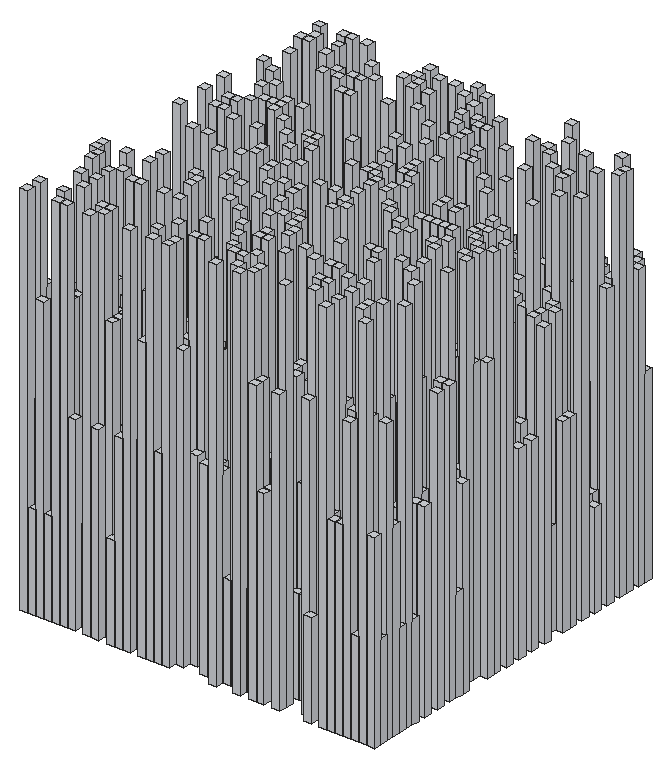
Revit family "qrcodeQ(a)R(t)", category Generic Models, Revit 2013
Reference planes (in)
  plane 1 "Center (Front/Back)": y = 0
  plane 2: z = 0
  plane 3 "Center (Left/Right)": x = 0
Forms (in)
  Extrusion 1, solid
    sketch origin (0, 0, 0) x (1, 0, 0) y (0, 1, 0)
      loop
        line (0, 0) -> (0.9996, 0) -> (0.9996, 0.9996) -> (0, 0.9996) -> (0, 0)
    from 0 to 48
  Extrusion 2, solid
    sketch origin (0, 0, 0) x (1, 0, 0) y (0, 1, 0)
      loop
        line (0.9996, 0) -> (1.9992, 0) -> (1.9992, 0.9996) -> (0.9996, 0.9996) -> (0.9996, 0)
    from 0 to 12
  Extrusion 3, solid
    sketch origin (0, 0, 0) x (1, 0, 0) y (0, 1, 0)
      loop
        line (1.9992, 0) -> (2.9988, 0) -> (2.9988, 0.9996) -> (1.9992, 0.9996) -> (1.9992, 0)
    from 0 to 36
  Extrusion 4, solid
    sketch origin (0, 0, 0) x (1, 0, 0) y (0, 1, 0)
      loop
        line (2.9988, 0) -> (3.9984, 0) -> (3.9984, 0.9996) -> (2.9988, 0.9996) -> (2.9988, 0)
    from 0 to 12
  Extrusion 5, solid
    sketch origin (0, 0, 0) x (1, 0, 0) y (0, 1, 0)
      loop
        line (3.9984, 0) -> (4.998, 0) -> (4.998, 0.9996) -> (3.9984, 0.9996) -> (3.9984, 0)
    from 0 to 48
  Extrusion 6, solid
    sketch origin (0, 0, 0) x (1, 0, 0) y (0, 1, 0)
      loop
        line (4.998, 0) -> (5.9976, 0) -> (5.9976, 0.9996) -> (4.998, 0.9996) -> (4.998, 0)
    from 0 to 48
  Extrusion 7, solid
    sketch origin (0, 0, 0) x (1, 0, 0) y (0, 1, 0)
      loop
        line (5.9976, 0) -> (6.9972, 0) -> (6.9972, 0.9996) -> (5.9976, 0.9996) -> (5.9976, 0)
    from 0 to 24
  Extrusion 8, solid
    sketch origin (0, 0, 0) x (1, 0, 0) y (0, 1, 0)
      loop
        line (7.9968, 0) -> (8.9964, 0) -> (8.9964, 0.9996) -> (7.9968, 0.9996) -> (7.9968, 0)
    from 0 to 48
  Extrusion 9, solid
    sketch origin (0, 0, 0) x (1, 0, 0) y (0, 1, 0)
      loop
        line (8.9964, 0) -> (9.996, 0) -> (9.996, 0.9996) -> (8.9964, 0.9996) -> (8.9964, 0)
    from 0 to 24
  Extrusion 10, solid
    sketch origin (0, 0, 0) x (1, 0, 0) y (0, 1, 0)
      loop
        line (10.9956, 0) -> (11.9952, 0) -> (11.9952, 0.9996) -> (10.9956, 0.9996) -> (10.9956, 0)
    from 0 to 12
  Extrusion 11, solid
    sketch origin (0, 0, 0) x (1, 0, 0) y (0, 1, 0)
      loop
        line (11.9952, 0) -> (12.9948, 0) -> (12.9948, 0.9996) -> (11.9952, 0.9996) -> (11.9952, 0)
    from 0 to 24
  Extrusion 12, solid
    sketch origin (0, 0, 0) x (1, 0, 0) y (0, 1, 0)
      loop
        line (12.9948, 0) -> (13.9944, 0) -> (13.9944, 0.9996) -> (12.9948, 0.9996) -> (12.9948, 0)
    from 0 to 48
  Extrusion 13, solid
    sketch origin (0, 0, 0) x (1, 0, 0) y (0, 1, 0)
      loop
        line (14.994, 0) -> (15.9936, 0) -> (15.9936, 0.9996) -> (14.994, 0.9996) -> (14.994, 0)
    from 0 to 36
  Extrusion 14, solid
    sketch origin (0, 0, 0) x (1, 0, 0) y (0, 1, 0)
      loop
        line (15.9936, 0) -> (16.9932, 0) -> (16.9932, 0.9996) -> (15.9936, 0.9996) -> (15.9936, 0)
    from 0 to 48
  Extrusion 15, solid
    sketch origin (0, 0, 0) x (1, 0, 0) y (0, 1, 0)
      loop
        line (16.9932, 0) -> (17.9928, 0) -> (17.9928, 0.9996) -> (16.9932, 0.9996) -> (16.9932, 0)
    from 0 to 24
  Extrusion 16, solid
    sketch origin (0, 0, 0) x (1, 0, 0) y (0, 1, 0)
      loop
        line (17.9928, 0) -> (18.9924, 0) -> (18.9924, 0.9996) -> (17.9928, 0.9996) -> (17.9928, 0)
    from 0 to 48
  Extrusion 17, solid
    sketch origin (0, 0, 0) x (1, 0, 0) y (0, 1, 0)
      loop
        line (23.9904, 0) -> (24.99, 0) -> (24.99, 0.9996) -> (23.9904, 0.9996) -> (23.9904, 0)
    from 0 to 48
  Extrusion 18, solid
    sketch origin (0, 0, 0) x (1, 0, 0) y (0, 1, 0)
      loop
        line (26.9892, 0) -> (27.9888, 0) -> (27.9888, 0.9996) -> (26.9892, 0.9996) -> (26.9892, 0)
    from 0 to 48
  Extrusion 19, solid
    sketch origin (0, 0, 0) x (1, 0, 0) y (0, 1, 0)
      loop
        line (28.9884, 0) -> (29.988, 0) -> (29.988, 0.9996) -> (28.9884, 0.9996) -> (28.9884, 0)
    from 0 to 36
  Extrusion 20, solid
    sketch origin (0, 0, 0) x (1, 0, 0) y (0, 1, 0)
      loop
        line (29.988, 0) -> (30.9876, 0) -> (30.9876, 0.9996) -> (29.988, 0.9996) -> (29.988, 0)
    from 0 to 24
  Extrusion 21, solid
    sketch origin (0, 0, 0) x (1, 0, 0) y (0, 1, 0)
      loop
        line (31.9872, 0) -> (32.9868, 0) -> (32.9868, 0.9996) -> (31.9872, 0.9996) -> (31.9872, 0)
    from 0 to 36
  Extrusion 22, solid
    sketch origin (0, 0, 0) x (1, 0, 0) y (0, 1, 0)
      loop
        line (35.9856, 0) -> (36.9852, 0) -> (36.9852, 0.9996) -> (35.9856, 0.9996) -> (35.9856, 0)
    from 0 to 12
  Extrusion 23, solid
    sketch origin (0, 0, 0) x (1, 0, 0) y (0, 1, 0)
      loop
        line (37.9848, 0) -> (38.9844, 0) -> (38.9844, 0.9996) -> (37.9848, 0.9996) -> (37.9848, 0)
    from 0 to 48
  Extrusion 24, solid
    sketch origin (0, 0, 0) x (1, 0, 0) y (0, 1, 0)
      loop
        line (38.9844, 0) -> (39.984, 0) -> (39.984, 0.9996) -> (38.9844, 0.9996) -> (38.9844, 0)
    from 0 to 24
  Extrusion 25, solid
    sketch origin (0, 0, 0) x (1, 0, 0) y (0, 1, 0)
      loop
        line (39.984, 0) -> (40.9836, 0) -> (40.9836, 0.9996) -> (39.984, 0.9996) -> (39.984, 0)
    from 0 to 24
  Extrusion 26, solid
    sketch origin (0, 0, 0) x (1, 0, 0) y (0, 1, 0)
      loop
        line (40.9836, 0) -> (41.9832, 0) -> (41.9832, 0.9996) -> (40.9836, 0.9996) -> (40.9836, 0)
    from 0 to 36
  Extrusion 27, solid
    sketch origin (0, 0, 0) x (1, 0, 0) y (0, 1, 0)
      loop
        line (41.9832, 0) -> (42.9828, 0) -> (42.9828, 0.9996) -> (41.9832, 0.9996) -> (41.9832, 0)
    from 0 to 12
  Extrusion 28, solid
    sketch origin (0, 0, 0) x (1, 0, 0) y (0, 1, 0)
      loop
        line (42.9828, 0) -> (43.9824, 0) -> (43.9824, 0.9996) -> (42.9828, 0.9996) -> (42.9828, 0)
    from 0 to 48
  Extrusion 29, solid
    sketch origin (0, 0, 0) x (1, 0, 0) y (0, 1, 0)
      loop
        line (43.9824, 0) -> (44.982, 0) -> (44.982, 0.9996) -> (43.9824, 0.9996) -> (43.9824, 0)
    from 0 to 24
  Extrusion 30, solid
    sketch origin (0, 0, 0) x (1, 0, 0) y (0, 1, 0)
      loop
        line (0, 0.9996) -> (0.9996, 0.9996) -> (0.9996, 1.9992) -> (0, 1.9992) -> (0, 0.9996)
    from 0 to 24
  Extrusion 31, solid
    sketch origin (0, 0, 0) x (1, 0, 0) y (0, 1, 0)
      loop
        line (5.9976, 0.9996) -> (6.9972, 0.9996) -> (6.9972, 1.9992) -> (5.9976, 1.9992) -> (5.9976, 0.9996)
    from 0 to 12
  Extrusion 32, solid
    sketch origin (0, 0, 0) x (1, 0, 0) y (0, 1, 0)
      loop
        line (7.9968, 0.9996) -> (8.9964, 0.9996) -> (8.9964, 1.9992) -> (7.9968, 1.9992) -> (7.9968, 0.9996)
    from 0 to 24
  Extrusion 33, solid
    sketch origin (0, 0, 0) x (1, 0, 0) y (0, 1, 0)
      loop
        line (8.9964, 0.9996) -> (9.996, 0.9996) -> (9.996, 1.9992) -> (8.9964, 1.9992) -> (8.9964, 0.9996)
    from 0 to 48
  Extrusion 34, solid
    sketch origin (0, 0, 0) x (1, 0, 0) y (0, 1, 0)
      loop
        line (9.996, 0.9996) -> (10.9956, 0.9996) -> (10.9956, 1.9992) -> (9.996, 1.9992) -> (9.996, 0.9996)
    from 0 to 36
  Extrusion 35, solid
    sketch origin (0, 0, 0) x (1, 0, 0) y (0, 1, 0)
      loop
        line (12.9948, 0.9996) -> (13.9944, 0.9996) -> (13.9944, 1.9992) -> (12.9948, 1.9992) -> (12.9948, 0.9996)
    from 0 to 24
  Extrusion 36, solid
    sketch origin (0, 0, 0) x (1, 0, 0) y (0, 1, 0)
      loop
        line (17.9928, 0.9996) -> (18.9924, 0.9996) -> (18.9924, 1.9992) -> (17.9928, 1.9992) -> (17.9928, 0.9996)
    from 0 to 48
  Extrusion 37, solid
    sketch origin (0, 0, 0) x (1, 0, 0) y (0, 1, 0)
      loop
        line (18.9924, 0.9996) -> (19.992, 0.9996) -> (19.992, 1.9992) -> (18.9924, 1.9992) -> (18.9924, 0.9996)
    from 0 to 36
  Extrusion 38, solid
    sketch origin (0, 0, 0) x (1, 0, 0) y (0, 1, 0)
      loop
        line (21.9912, 0.9996) -> (22.9908, 0.9996) -> (22.9908, 1.9992) -> (21.9912, 1.9992) -> (21.9912, 0.9996)
    from 0 to 24
  Extrusion 39, solid
    sketch origin (0, 0, 0) x (1, 0, 0) y (0, 1, 0)
      loop
        line (23.9904, 0.9996) -> (24.99, 0.9996) -> (24.99, 1.9992) -> (23.9904, 1.9992) -> (23.9904, 0.9996)
    from 0 to 24
  Extrusion 40, solid
    sketch origin (0, 0, 0) x (1, 0, 0) y (0, 1, 0)
      loop
        line (24.99, 0.9996) -> (25.9896, 0.9996) -> (25.9896, 1.9992) -> (24.99, 1.9992) -> (24.99, 0.9996)
    from 0 to 12
  Extrusion 41, solid
    sketch origin (0, 0, 0) x (1, 0, 0) y (0, 1, 0)
      loop
        line (25.9896, 0.9996) -> (26.9892, 0.9996) -> (26.9892, 1.9992) -> (25.9896, 1.9992) -> (25.9896, 0.9996)
    from 0 to 48
  Extrusion 42, solid
    sketch origin (0, 0, 0) x (1, 0, 0) y (0, 1, 0)
      loop
        line (26.9892, 0.9996) -> (27.9888, 0.9996) -> (27.9888, 1.9992) -> (26.9892, 1.9992) -> (26.9892, 0.9996)
    from 0 to 12
  Extrusion 43, solid
    sketch origin (0, 0, 0) x (1, 0, 0) y (0, 1, 0)
      loop
        line (27.9888, 0.9996) -> (28.9884, 0.9996) -> (28.9884, 1.9992) -> (27.9888, 1.9992) -> (27.9888, 0.9996)
    from 0 to 48
  Extrusion 44, solid
    sketch origin (0, 0, 0) x (1, 0, 0) y (0, 1, 0)
      loop
        line (28.9884, 0.9996) -> (29.988, 0.9996) -> (29.988, 1.9992) -> (28.9884, 1.9992) -> (28.9884, 0.9996)
    from 0 to 36
  Extrusion 45, solid
    sketch origin (0, 0, 0) x (1, 0, 0) y (0, 1, 0)
      loop
        line (29.988, 0.9996) -> (30.9876, 0.9996) -> (30.9876, 1.9992) -> (29.988, 1.9992) -> (29.988, 0.9996)
    from 0 to 24
  Extrusion 46, solid
    sketch origin (0, 0, 0) x (1, 0, 0) y (0, 1, 0)
      loop
        line (30.9876, 0.9996) -> (31.9872, 0.9996) -> (31.9872, 1.9992) -> (30.9876, 1.9992) -> (30.9876, 0.9996)
    from 0 to 12
  Extrusion 47, solid
    sketch origin (0, 0, 0) x (1, 0, 0) y (0, 1, 0)
      loop
        line (31.9872, 0.9996) -> (32.9868, 0.9996) -> (32.9868, 1.9992) -> (31.9872, 1.9992) -> (31.9872, 0.9996)
    from 0 to 48
  Extrusion 48, solid
    sketch origin (0, 0, 0) x (1, 0, 0) y (0, 1, 0)
      loop
        line (34.986, 0.9996) -> (35.9856, 0.9996) -> (35.9856, 1.9992) -> (34.986, 1.9992) -> (34.986, 0.9996)
    from 0 to 36
  Extrusion 49, solid
    sketch origin (0, 0, 0) x (1, 0, 0) y (0, 1, 0)
      loop
        line (37.9848, 0.9996) -> (38.9844, 0.9996) -> (38.9844, 1.9992) -> (37.9848, 1.9992) -> (37.9848, 0.9996)
    from 0 to 24
  Extrusion 50, solid
    sketch origin (0, 0, 0) x (1, 0, 0) y (0, 1, 0)
      loop
        line (43.9824, 0.9996) -> (44.982, 0.9996) -> (44.982, 1.9992) -> (43.9824, 1.9992) -> (43.9824, 0.9996)
    from 0 to 12
  Extrusion 51, solid
    sketch origin (0, 0, 0) x (1, 0, 0) y (0, 1, 0)
      loop
        line (0, 1.9992) -> (0.9996, 1.9992) -> (0.9996, 2.9988) -> (0, 2.9988) -> (0, 1.9992)
    from 0 to 48
  Extrusion 52, solid
    sketch origin (0, 0, 0) x (1, 0, 0) y (0, 1, 0)
      loop
        line (1.9992, 1.9992) -> (2.9988, 1.9992) -> (2.9988, 2.9988) -> (1.9992, 2.9988) -> (1.9992, 1.9992)
    from 0 to 12
  Extrusion 53, solid
    sketch origin (0, 0, 0) x (1, 0, 0) y (0, 1, 0)
      loop
        line (2.9988, 1.9992) -> (3.9984, 1.9992) -> (3.9984, 2.9988) -> (2.9988, 2.9988) -> (2.9988, 1.9992)
    from 0 to 48
  Extrusion 54, solid
    sketch origin (0, 0, 0) x (1, 0, 0) y (0, 1, 0)
      loop
        line (3.9984, 1.9992) -> (4.998, 1.9992) -> (4.998, 2.9988) -> (3.9984, 2.9988) -> (3.9984, 1.9992)
    from 0 to 36
  Extrusion 55, solid
    sketch origin (0, 0, 0) x (1, 0, 0) y (0, 1, 0)
      loop
        line (5.9976, 1.9992) -> (6.9972, 1.9992) -> (6.9972, 2.9988) -> (5.9976, 2.9988) -> (5.9976, 1.9992)
    from 0 to 12
  Extrusion 56, solid
    sketch origin (0, 0, 0) x (1, 0, 0) y (0, 1, 0)
      loop
        line (7.9968, 1.9992) -> (8.9964, 1.9992) -> (8.9964, 2.9988) -> (7.9968, 2.9988) -> (7.9968, 1.9992)
    from 0 to 48
  Extrusion 57, solid
    sketch origin (0, 0, 0) x (1, 0, 0) y (0, 1, 0)
      loop
        line (8.9964, 1.9992) -> (9.996, 1.9992) -> (9.996, 2.9988) -> (8.9964, 2.9988) -> (8.9964, 1.9992)
    from 0 to 48
  Extrusion 58, solid
    sketch origin (0, 0, 0) x (1, 0, 0) y (0, 1, 0)
      loop
        line (9.996, 1.9992) -> (10.9956, 1.9992) -> (10.9956, 2.9988) -> (9.996, 2.9988) -> (9.996, 1.9992)
    from 0 to 36
  Extrusion 59, solid
    sketch origin (0, 0, 0) x (1, 0, 0) y (0, 1, 0)
      loop
        line (10.9956, 1.9992) -> (11.9952, 1.9992) -> (11.9952, 2.9988) -> (10.9956, 2.9988) -> (10.9956, 1.9992)
    from 0 to 24
  Extrusion 60, solid
    sketch origin (0, 0, 0) x (1, 0, 0) y (0, 1, 0)
      loop
        line (11.9952, 1.9992) -> (12.9948, 1.9992) -> (12.9948, 2.9988) -> (11.9952, 2.9988) -> (11.9952, 1.9992)
    from 0 to 12
  Extrusion 61, solid
    sketch origin (0, 0, 0) x (1, 0, 0) y (0, 1, 0)
      loop
        line (12.9948, 1.9992) -> (13.9944, 1.9992) -> (13.9944, 2.9988) -> (12.9948, 2.9988) -> (12.9948, 1.9992)
    from 0 to 12
  Extrusion 62, solid
    sketch origin (0, 0, 0) x (1, 0, 0) y (0, 1, 0)
      loop
        line (13.9944, 1.9992) -> (14.994, 1.9992) -> (14.994, 2.9988) -> (13.9944, 2.9988) -> (13.9944, 1.9992)
    from 0 to 12
  Extrusion 63, solid
    sketch origin (0, 0, 0) x (1, 0, 0) y (0, 1, 0)
      loop
        line (14.994, 1.9992) -> (15.9936, 1.9992) -> (15.9936, 2.9988) -> (14.994, 2.9988) -> (14.994, 1.9992)
    from 0 to 48
  Extrusion 64, solid
    sketch origin (0, 0, 0) x (1, 0, 0) y (0, 1, 0)
      loop
        line (15.9936, 1.9992) -> (16.9932, 1.9992) -> (16.9932, 2.9988) -> (15.9936, 2.9988) -> (15.9936, 1.9992)
    from 0 to 36
  Extrusion 65, solid
    sketch origin (0, 0, 0) x (1, 0, 0) y (0, 1, 0)
      loop
        line (16.9932, 1.9992) -> (17.9928, 1.9992) -> (17.9928, 2.9988) -> (16.9932, 2.9988) -> (16.9932, 1.9992)
    from 0 to 36
  Extrusion 66, solid
    sketch origin (0, 0, 0) x (1, 0, 0) y (0, 1, 0)
      loop
        line (17.9928, 1.9992) -> (18.9924, 1.9992) -> (18.9924, 2.9988) -> (17.9928, 2.9988) -> (17.9928, 1.9992)
    from 0 to 24
  Extrusion 67, solid
    sketch origin (0, 0, 0) x (1, 0, 0) y (0, 1, 0)
      loop
        line (19.992, 1.9992) -> (20.9916, 1.9992) -> (20.9916, 2.9988) -> (19.992, 2.9988) -> (19.992, 1.9992)
    from 0 to 24
  Extrusion 68, solid
    sketch origin (0, 0, 0) x (1, 0, 0) y (0, 1, 0)
      loop
        line (22.9908, 1.9992) -> (23.9904, 1.9992) -> (23.9904, 2.9988) -> (22.9908, 2.9988) -> (22.9908, 1.9992)
    from 0 to 24
  Extrusion 69, solid
    sketch origin (0, 0, 0) x (1, 0, 0) y (0, 1, 0)
      loop
        line (23.9904, 1.9992) -> (24.99, 1.9992) -> (24.99, 2.9988) -> (23.9904, 2.9988) -> (23.9904, 1.9992)
    from 0 to 12
  Extrusion 70, solid
    sketch origin (0, 0, 0) x (1, 0, 0) y (0, 1, 0)
      loop
        line (24.99, 1.9992) -> (25.9896, 1.9992) -> (25.9896, 2.9988) -> (24.99, 2.9988) -> (24.99, 1.9992)
    from 0 to 12
  Extrusion 71, solid
    sketch origin (0, 0, 0) x (1, 0, 0) y (0, 1, 0)
      loop
        line (27.9888, 1.9992) -> (28.9884, 1.9992) -> (28.9884, 2.9988) -> (27.9888, 2.9988) -> (27.9888, 1.9992)
    from 0 to 48
  Extrusion 72, solid
    sketch origin (0, 0, 0) x (1, 0, 0) y (0, 1, 0)
      loop
        line (28.9884, 1.9992) -> (29.988, 1.9992) -> (29.988, 2.9988) -> (28.9884, 2.9988) -> (28.9884, 1.9992)
    from 0 to 12
  Extrusion 73, solid
    sketch origin (0, 0, 0) x (1, 0, 0) y (0, 1, 0)
      loop
        line (34.986, 1.9992) -> (35.9856, 1.9992) -> (35.9856, 2.9988) -> (34.986, 2.9988) -> (34.986, 1.9992)
    from 0 to 48
  Extrusion 74, solid
    sketch origin (0, 0, 0) x (1, 0, 0) y (0, 1, 0)
      loop
        line (37.9848, 1.9992) -> (38.9844, 1.9992) -> (38.9844, 2.9988) -> (37.9848, 2.9988) -> (37.9848, 1.9992)
    from 0 to 48
  Extrusion 75, solid
    sketch origin (0, 0, 0) x (1, 0, 0) y (0, 1, 0)
      loop
        line (39.984, 1.9992) -> (40.9836, 1.9992) -> (40.9836, 2.9988) -> (39.984, 2.9988) -> (39.984, 1.9992)
    from 0 to 36
  Extrusion 76, solid
    sketch origin (0, 0, 0) x (1, 0, 0) y (0, 1, 0)
      loop
        line (40.9836, 1.9992) -> (41.9832, 1.9992) -> (41.9832, 2.9988) -> (40.9836, 2.9988) -> (40.9836, 1.9992)
    from 0 to 48
  Extrusion 77, solid
    sketch origin (0, 0, 0) x (1, 0, 0) y (0, 1, 0)
      loop
        line (41.9832, 1.9992) -> (42.9828, 1.9992) -> (42.9828, 2.9988) -> (41.9832, 2.9988) -> (41.9832, 1.9992)
    from 0 to 36
  Extrusion 78, solid
    sketch origin (0, 0, 0) x (1, 0, 0) y (0, 1, 0)
      loop
        line (43.9824, 1.9992) -> (44.982, 1.9992) -> (44.982, 2.9988) -> (43.9824, 2.9988) -> (43.9824, 1.9992)
    from 0 to 36
  Extrusion 79, solid
    sketch origin (0, 0, 0) x (1, 0, 0) y (0, 1, 0)
      loop
        line (0, 2.9988) -> (0.9996, 2.9988) -> (0.9996, 3.9984) -> (0, 3.9984) -> (0, 2.9988)
    from 0 to 36
  Extrusion 80, solid
    sketch origin (0, 0, 0) x (1, 0, 0) y (0, 1, 0)
      loop
        line (1.9992, 2.9988) -> (2.9988, 2.9988) -> (2.9988, 3.9984) -> (1.9992, 3.9984) -> (1.9992, 2.9988)
    from 0 to 36
  Extrusion 81, solid
    sketch origin (0, 0, 0) x (1, 0, 0) y (0, 1, 0)
      loop
        line (2.9988, 2.9988) -> (3.9984, 2.9988) -> (3.9984, 3.9984) -> (2.9988, 3.9984) -> (2.9988, 2.9988)
    from 0 to 36
  Extrusion 82, solid
    sketch origin (0, 0, 0) x (1, 0, 0) y (0, 1, 0)
      loop
        line (3.9984, 2.9988) -> (4.998, 2.9988) -> (4.998, 3.9984) -> (3.9984, 3.9984) -> (3.9984, 2.9988)
    from 0 to 36
  Extrusion 83, solid
    sketch origin (0, 0, 0) x (1, 0, 0) y (0, 1, 0)
      loop
        line (5.9976, 2.9988) -> (6.9972, 2.9988) -> (6.9972, 3.9984) -> (5.9976, 3.9984) -> (5.9976, 2.9988)
    from 0 to 36
  Extrusion 84, solid
    sketch origin (0, 0, 0) x (1, 0, 0) y (0, 1, 0)
      loop
        line (8.9964, 2.9988) -> (9.996, 2.9988) -> (9.996, 3.9984) -> (8.9964, 3.9984) -> (8.9964, 2.9988)
    from 0 to 36
  Extrusion 85, solid
    sketch origin (0, 0, 0) x (1, 0, 0) y (0, 1, 0)
      loop
        line (9.996, 2.9988) -> (10.9956, 2.9988) -> (10.9956, 3.9984) -> (9.996, 3.9984) -> (9.996, 2.9988)
    from 0 to 36
  Extrusion 86, solid
    sketch origin (0, 0, 0) x (1, 0, 0) y (0, 1, 0)
      loop
        line (13.9944, 2.9988) -> (14.994, 2.9988) -> (14.994, 3.9984) -> (13.9944, 3.9984) -> (13.9944, 2.9988)
    from 0 to 36
  Extrusion 87, solid
    sketch origin (0, 0, 0) x (1, 0, 0) y (0, 1, 0)
      loop
        line (17.9928, 2.9988) -> (18.9924, 2.9988) -> (18.9924, 3.9984) -> (17.9928, 3.9984) -> (17.9928, 2.9988)
    from 0 to 36
  Extrusion 88, solid
    sketch origin (0, 0, 0) x (1, 0, 0) y (0, 1, 0)
      loop
        line (18.9924, 2.9988) -> (19.992, 2.9988) -> (19.992, 3.9984) -> (18.9924, 3.9984) -> (18.9924, 2.9988)
    from 0 to 48
  Extrusion 89, solid
    sketch origin (0, 0, 0) x (1, 0, 0) y (0, 1, 0)
      loop
        line (19.992, 2.9988) -> (20.9916, 2.9988) -> (20.9916, 3.9984) -> (19.992, 3.9984) -> (19.992, 2.9988)
    from 0 to 48
  Extrusion 90, solid
    sketch origin (0, 0, 0) x (1, 0, 0) y (0, 1, 0)
      loop
        line (21.9912, 2.9988) -> (22.9908, 2.9988) -> (22.9908, 3.9984) -> (21.9912, 3.9984) -> (21.9912, 2.9988)
    from 0 to 36
  Extrusion 91, solid
    sketch origin (0, 0, 0) x (1, 0, 0) y (0, 1, 0)
      loop
        line (23.9904, 2.9988) -> (24.99, 2.9988) -> (24.99, 3.9984) -> (23.9904, 3.9984) -> (23.9904, 2.9988)
    from 0 to 48
  Extrusion 92, solid
    sketch origin (0, 0, 0) x (1, 0, 0) y (0, 1, 0)
      loop
        line (24.99, 2.9988) -> (25.9896, 2.9988) -> (25.9896, 3.9984) -> (24.99, 3.9984) -> (24.99, 2.9988)
    from 0 to 48
  Extrusion 93, solid
    sketch origin (0, 0, 0) x (1, 0, 0) y (0, 1, 0)
      loop
        line (25.9896, 2.9988) -> (26.9892, 2.9988) -> (26.9892, 3.9984) -> (25.9896, 3.9984) -> (25.9896, 2.9988)
    from 0 to 12
  Extrusion 94, solid
    sketch origin (0, 0, 0) x (1, 0, 0) y (0, 1, 0)
      loop
        line (27.9888, 2.9988) -> (28.9884, 2.9988) -> (28.9884, 3.9984) -> (27.9888, 3.9984) -> (27.9888, 2.9988)
    from 0 to 12
  Extrusion 95, solid
    sketch origin (0, 0, 0) x (1, 0, 0) y (0, 1, 0)
      loop
        line (31.9872, 2.9988) -> (32.9868, 2.9988) -> (32.9868, 3.9984) -> (31.9872, 3.9984) -> (31.9872, 2.9988)
    from 0 to 12
  Extrusion 96, solid
    sketch origin (0, 0, 0) x (1, 0, 0) y (0, 1, 0)
      loop
        line (32.9868, 2.9988) -> (33.9864, 2.9988) -> (33.9864, 3.9984) -> (32.9868, 3.9984) -> (32.9868, 2.9988)
    from 0 to 12
  Extrusion 97, solid
    sketch origin (0, 0, 0) x (1, 0, 0) y (0, 1, 0)
      loop
        line (34.986, 2.9988) -> (35.9856, 2.9988) -> (35.9856, 3.9984) -> (34.986, 3.9984) -> (34.986, 2.9988)
    from 0 to 24
  Extrusion 98, solid
    sketch origin (0, 0, 0) x (1, 0, 0) y (0, 1, 0)
      loop
        line (35.9856, 2.9988) -> (36.9852, 2.9988) -> (36.9852, 3.9984) -> (35.9856, 3.9984) -> (35.9856, 2.9988)
    from 0 to 24
  Extrusion 99, solid
    sketch origin (0, 0, 0) x (1, 0, 0) y (0, 1, 0)
      loop
        line (37.9848, 2.9988) -> (38.9844, 2.9988) -> (38.9844, 3.9984) -> (37.9848, 3.9984) -> (37.9848, 2.9988)
    from 0 to 36
  Extrusion 100, solid
    sketch origin (0, 0, 0) x (1, 0, 0) y (0, 1, 0)
      loop
        line (39.984, 2.9988) -> (40.9836, 2.9988) -> (40.9836, 3.9984) -> (39.984, 3.9984) -> (39.984, 2.9988)
    from 0 to 36
  Extrusion 101, solid
    sketch origin (0, 0, 0) x (1, 0, 0) y (0, 1, 0)
      loop
        line (40.9836, 2.9988) -> (41.9832, 2.9988) -> (41.9832, 3.9984) -> (40.9836, 3.9984) -> (40.9836, 2.9988)
    from 0 to 48
  Extrusion 102, solid
    sketch origin (0, 0, 0) x (1, 0, 0) y (0, 1, 0)
      loop
        line (41.9832, 2.9988) -> (42.9828, 2.9988) -> (42.9828, 3.9984) -> (41.9832, 3.9984) -> (41.9832, 2.9988)
    from 0 to 12
  Extrusion 103, solid
    sketch origin (0, 0, 0) x (1, 0, 0) y (0, 1, 0)
      loop
        line (43.9824, 2.9988) -> (44.982, 2.9988) -> (44.982, 3.9984) -> (43.9824, 3.9984) -> (43.9824, 2.9988)
    from 0 to 24
  Extrusion 104, solid
    sketch origin (0, 0, 0) x (1, 0, 0) y (0, 1, 0)
      loop
        line (0, 3.9984) -> (0.9996, 3.9984) -> (0.9996, 4.998) -> (0, 4.998) -> (0, 3.9984)
    from 0 to 24
  Extrusion 105, solid
    sketch origin (0, 0, 0) x (1, 0, 0) y (0, 1, 0)
      loop
        line (1.9992, 3.9984) -> (2.9988, 3.9984) -> (2.9988, 4.998) -> (1.9992, 4.998) -> (1.9992, 3.9984)
    from 0 to 36
  Extrusion 106, solid
    sketch origin (0, 0, 0) x (1, 0, 0) y (0, 1, 0)
      loop
        line (2.9988, 3.9984) -> (3.9984, 3.9984) -> (3.9984, 4.998) -> (2.9988, 4.998) -> (2.9988, 3.9984)
    from 0 to 24
  Extrusion 107, solid
    sketch origin (0, 0, 0) x (1, 0, 0) y (0, 1, 0)
      loop
        line (3.9984, 3.9984) -> (4.998, 3.9984) -> (4.998, 4.998) -> (3.9984, 4.998) -> (3.9984, 3.9984)
    from 0 to 48
  Extrusion 108, solid
    sketch origin (0, 0, 0) x (1, 0, 0) y (0, 1, 0)
      loop
        line (5.9976, 3.9984) -> (6.9972, 3.9984) -> (6.9972, 4.998) -> (5.9976, 4.998) -> (5.9976, 3.9984)
    from 0 to 12
  Extrusion 109, solid
    sketch origin (0, 0, 0) x (1, 0, 0) y (0, 1, 0)
      loop
        line (7.9968, 3.9984) -> (8.9964, 3.9984) -> (8.9964, 4.998) -> (7.9968, 4.998) -> (7.9968, 3.9984)
    from 0 to 24
  Extrusion 110, solid
    sketch origin (0, 0, 0) x (1, 0, 0) y (0, 1, 0)
      loop
        line (12.9948, 3.9984) -> (13.9944, 3.9984) -> (13.9944, 4.998) -> (12.9948, 4.998) -> (12.9948, 3.9984)
    from 0 to 36
  Extrusion 111, solid
    sketch origin (0, 0, 0) x (1, 0, 0) y (0, 1, 0)
      loop
        line (14.994, 3.9984) -> (15.9936, 3.9984) -> (15.9936, 4.998) -> (14.994, 4.998) -> (14.994, 3.9984)
    from 0 to 24
  Extrusion 112, solid
    sketch origin (0, 0, 0) x (1, 0, 0) y (0, 1, 0)
      loop
        line (15.9936, 3.9984) -> (16.9932, 3.9984) -> (16.9932, 4.998) -> (15.9936, 4.998) -> (15.9936, 3.9984)
    from 0 to 48
  Extrusion 113, solid
    sketch origin (0, 0, 0) x (1, 0, 0) y (0, 1, 0)
      loop
        line (17.9928, 3.9984) -> (18.9924, 3.9984) -> (18.9924, 4.998) -> (17.9928, 4.998) -> (17.9928, 3.9984)
    from 0 to 24
  Extrusion 114, solid
    sketch origin (0, 0, 0) x (1, 0, 0) y (0, 1, 0)
      loop
        line (19.992, 3.9984) -> (20.9916, 3.9984) -> (20.9916, 4.998) -> (19.992, 4.998) -> (19.992, 3.9984)
    from 0 to 12
  Extrusion 115, solid
    sketch origin (0, 0, 0) x (1, 0, 0) y (0, 1, 0)
      loop
        line (20.9916, 3.9984) -> (21.9912, 3.9984) -> (21.9912, 4.998) -> (20.9916, 4.998) -> (20.9916, 3.9984)
    from 0 to 36
  Extrusion 116, solid
    sketch origin (0, 0, 0) x (1, 0, 0) y (0, 1, 0)
      loop
        line (21.9912, 3.9984) -> (22.9908, 3.9984) -> (22.9908, 4.998) -> (21.9912, 4.998) -> (21.9912, 3.9984)
    from 0 to 12
  Extrusion 117, solid
    sketch origin (0, 0, 0) x (1, 0, 0) y (0, 1, 0)
      loop
        line (22.9908, 3.9984) -> (23.9904, 3.9984) -> (23.9904, 4.998) -> (22.9908, 4.998) -> (22.9908, 3.9984)
    from 0 to 48
  Extrusion 118, solid
    sketch origin (0, 0, 0) x (1, 0, 0) y (0, 1, 0)
      loop
        line (23.9904, 3.9984) -> (24.99, 3.9984) -> (24.99, 4.998) -> (23.9904, 4.998) -> (23.9904, 3.9984)
    from 0 to 24
  Extrusion 119, solid
    sketch origin (0, 0, 0) x (1, 0, 0) y (0, 1, 0)
      loop
        line (25.9896, 3.9984) -> (26.9892, 3.9984) -> (26.9892, 4.998) -> (25.9896, 4.998) -> (25.9896, 3.9984)
    from 0 to 48
  Extrusion 120, solid
    sketch origin (0, 0, 0) x (1, 0, 0) y (0, 1, 0)
      loop
        line (30.9876, 3.9984) -> (31.9872, 3.9984) -> (31.9872, 4.998) -> (30.9876, 4.998) -> (30.9876, 3.9984)
    from 0 to 36
  Extrusion 121, solid
    sketch origin (0, 0, 0) x (1, 0, 0) y (0, 1, 0)
      loop
        line (31.9872, 3.9984) -> (32.9868, 3.9984) -> (32.9868, 4.998) -> (31.9872, 4.998) -> (31.9872, 3.9984)
    from 0 to 24
  Extrusion 122, solid
    sketch origin (0, 0, 0) x (1, 0, 0) y (0, 1, 0)
      loop
        line (32.9868, 3.9984) -> (33.9864, 3.9984) -> (33.9864, 4.998) -> (32.9868, 4.998) -> (32.9868, 3.9984)
    from 0 to 36
  Extrusion 123, solid
    sketch origin (0, 0, 0) x (1, 0, 0) y (0, 1, 0)
      loop
        line (33.9864, 3.9984) -> (34.986, 3.9984) -> (34.986, 4.998) -> (33.9864, 4.998) -> (33.9864, 3.9984)
    from 0 to 48
  Extrusion 124, solid
    sketch origin (0, 0, 0) x (1, 0, 0) y (0, 1, 0)
      loop
        line (34.986, 3.9984) -> (35.9856, 3.9984) -> (35.9856, 4.998) -> (34.986, 4.998) -> (34.986, 3.9984)
    from 0 to 48
  Extrusion 125, solid
    sketch origin (0, 0, 0) x (1, 0, 0) y (0, 1, 0)
      loop
        line (35.9856, 3.9984) -> (36.9852, 3.9984) -> (36.9852, 4.998) -> (35.9856, 4.998) -> (35.9856, 3.9984)
    from 0 to 36
  Extrusion 126, solid
    sketch origin (0, 0, 0) x (1, 0, 0) y (0, 1, 0)
      loop
        line (37.9848, 3.9984) -> (38.9844, 3.9984) -> (38.9844, 4.998) -> (37.9848, 4.998) -> (37.9848, 3.9984)
    from 0 to 48
  Extrusion 127, solid
    sketch origin (0, 0, 0) x (1, 0, 0) y (0, 1, 0)
      loop
        line (39.984, 3.9984) -> (40.9836, 3.9984) -> (40.9836, 4.998) -> (39.984, 4.998) -> (39.984, 3.9984)
    from 0 to 12
  Extrusion 128, solid
    sketch origin (0, 0, 0) x (1, 0, 0) y (0, 1, 0)
      loop
        line (40.9836, 3.9984) -> (41.9832, 3.9984) -> (41.9832, 4.998) -> (40.9836, 4.998) -> (40.9836, 3.9984)
    from 0 to 12
  Extrusion 129, solid
    sketch origin (0, 0, 0) x (1, 0, 0) y (0, 1, 0)
      loop
        line (41.9832, 3.9984) -> (42.9828, 3.9984) -> (42.9828, 4.998) -> (41.9832, 4.998) -> (41.9832, 3.9984)
    from 0 to 48
  Extrusion 130, solid
    sketch origin (0, 0, 0) x (1, 0, 0) y (0, 1, 0)
      loop
        line (43.9824, 3.9984) -> (44.982, 3.9984) -> (44.982, 4.998) -> (43.9824, 4.998) -> (43.9824, 3.9984)
    from 0 to 12
  Extrusion 131, solid
    sketch origin (0, 0, 0) x (1, 0, 0) y (0, 1, 0)
      loop
        line (0, 4.998) -> (0.9996, 4.998) -> (0.9996, 5.9976) -> (0, 5.9976) -> (0, 4.998)
    from 0 to 36
  Extrusion 132, solid
    sketch origin (0, 0, 0) x (1, 0, 0) y (0, 1, 0)
      loop
        line (5.9976, 4.998) -> (6.9972, 4.998) -> (6.9972, 5.9976) -> (5.9976, 5.9976) -> (5.9976, 4.998)
    from 0 to 12
  Extrusion 133, solid
    sketch origin (0, 0, 0) x (1, 0, 0) y (0, 1, 0)
      loop
        line (8.9964, 4.998) -> (9.996, 4.998) -> (9.996, 5.9976) -> (8.9964, 5.9976) -> (8.9964, 4.998)
    from 0 to 24
  Extrusion 134, solid
    sketch origin (0, 0, 0) x (1, 0, 0) y (0, 1, 0)
      loop
        line (9.996, 4.998) -> (10.9956, 4.998) -> (10.9956, 5.9976) -> (9.996, 5.9976) -> (9.996, 4.998)
    from 0 to 24
  Extrusion 135, solid
    sketch origin (0, 0, 0) x (1, 0, 0) y (0, 1, 0)
      loop
        line (12.9948, 4.998) -> (13.9944, 4.998) -> (13.9944, 5.9976) -> (12.9948, 5.9976) -> (12.9948, 4.998)
    from 0 to 12
  Extrusion 136, solid
    sketch origin (0, 0, 0) x (1, 0, 0) y (0, 1, 0)
      loop
        line (13.9944, 4.998) -> (14.994, 4.998) -> (14.994, 5.9976) -> (13.9944, 5.9976) -> (13.9944, 4.998)
    from 0 to 12
  Extrusion 137, solid
    sketch origin (0, 0, 0) x (1, 0, 0) y (0, 1, 0)
      loop
        line (19.992, 4.998) -> (20.9916, 4.998) -> (20.9916, 5.9976) -> (19.992, 5.9976) -> (19.992, 4.998)
    from 0 to 36
  Extrusion 138, solid
    sketch origin (0, 0, 0) x (1, 0, 0) y (0, 1, 0)
      loop
        line (23.9904, 4.998) -> (24.99, 4.998) -> (24.99, 5.9976) -> (23.9904, 5.9976) -> (23.9904, 4.998)
    from 0 to 24
  Extrusion 139, solid
    sketch origin (0, 0, 0) x (1, 0, 0) y (0, 1, 0)
      loop
        line (24.99, 4.998) -> (25.9896, 4.998) -> (25.9896, 5.9976) -> (24.99, 5.9976) -> (24.99, 4.998)
    from 0 to 36
  Extrusion 140, solid
    sketch origin (0, 0, 0) x (1, 0, 0) y (0, 1, 0)
      loop
        line (27.9888, 4.998) -> (28.9884, 4.998) -> (28.9884, 5.9976) -> (27.9888, 5.9976) -> (27.9888, 4.998)
    from 0 to 12
  Extrusion 141, solid
    sketch origin (0, 0, 0) x (1, 0, 0) y (0, 1, 0)
      loop
        line (28.9884, 4.998) -> (29.988, 4.998) -> (29.988, 5.9976) -> (28.9884, 5.9976) -> (28.9884, 4.998)
    from 0 to 12
  Extrusion 142, solid
    sketch origin (0, 0, 0) x (1, 0, 0) y (0, 1, 0)
      loop
        line (29.988, 4.998) -> (30.9876, 4.998) -> (30.9876, 5.9976) -> (29.988, 5.9976) -> (29.988, 4.998)
    from 0 to 36
  Extrusion 143, solid
    sketch origin (0, 0, 0) x (1, 0, 0) y (0, 1, 0)
      loop
        line (37.9848, 4.998) -> (38.9844, 4.998) -> (38.9844, 5.9976) -> (37.9848, 5.9976) -> (37.9848, 4.998)
    from 0 to 24
  Extrusion 144, solid
    sketch origin (0, 0, 0) x (1, 0, 0) y (0, 1, 0)
      loop
        line (43.9824, 4.998) -> (44.982, 4.998) -> (44.982, 5.9976) -> (43.9824, 5.9976) -> (43.9824, 4.998)
    from 0 to 48
  Extrusion 145, solid
    sketch origin (0, 0, 0) x (1, 0, 0) y (0, 1, 0)
      loop
        line (0, 5.9976) -> (0.9996, 5.9976) -> (0.9996, 6.9972) -> (0, 6.9972) -> (0, 5.9976)
    from 0 to 24
  Extrusion 146, solid
    sketch origin (0, 0, 0) x (1, 0, 0) y (0, 1, 0)
      loop
        line (0.9996, 5.9976) -> (1.9992, 5.9976) -> (1.9992, 6.9972) -> (0.9996, 6.9972) -> (0.9996, 5.9976)
    from 0 to 24
  Extrusion 147, solid
    sketch origin (0, 0, 0) x (1, 0, 0) y (0, 1, 0)
      loop
        line (1.9992, 5.9976) -> (2.9988, 5.9976) -> (2.9988, 6.9972) -> (1.9992, 6.9972) -> (1.9992, 5.9976)
    from 0 to 48
  Extrusion 148, solid
    sketch origin (0, 0, 0) x (1, 0, 0) y (0, 1, 0)
      loop
        line (2.9988, 5.9976) -> (3.9984, 5.9976) -> (3.9984, 6.9972) -> (2.9988, 6.9972) -> (2.9988, 5.9976)
    from 0 to 24
  Extrusion 149, solid
    sketch origin (0, 0, 0) x (1, 0, 0) y (0, 1, 0)
      loop
        line (3.9984, 5.9976) -> (4.998, 5.9976) -> (4.998, 6.9972) -> (3.9984, 6.9972) -> (3.9984, 5.9976)
    from 0 to 48
  Extrusion 150, solid
    sketch origin (0, 0, 0) x (1, 0, 0) y (0, 1, 0)
      loop
        line (4.998, 5.9976) -> (5.9976, 5.9976) -> (5.9976, 6.9972) -> (4.998, 6.9972) -> (4.998, 5.9976)
    from 0 to 36
  Extrusion 151, solid
    sketch origin (0, 0, 0) x (1, 0, 0) y (0, 1, 0)
      loop
        line (5.9976, 5.9976) -> (6.9972, 5.9976) -> (6.9972, 6.9972) -> (5.9976, 6.9972) -> (5.9976, 5.9976)
    from 0 to 12
  Extrusion 152, solid
    sketch origin (0, 0, 0) x (1, 0, 0) y (0, 1, 0)
      loop
        line (7.9968, 5.9976) -> (8.9964, 5.9976) -> (8.9964, 6.9972) -> (7.9968, 6.9972) -> (7.9968, 5.9976)
    from 0 to 36
  Extrusion 153, solid
    sketch origin (0, 0, 0) x (1, 0, 0) y (0, 1, 0)
      loop
        line (9.996, 5.9976) -> (10.9956, 5.9976) -> (10.9956, 6.9972) -> (9.996, 6.9972) -> (9.996, 5.9976)
    from 0 to 12
  Extrusion 154, solid
    sketch origin (0, 0, 0) x (1, 0, 0) y (0, 1, 0)
      loop
        line (11.9952, 5.9976) -> (12.9948, 5.9976) -> (12.9948, 6.9972) -> (11.9952, 6.9972) -> (11.9952, 5.9976)
    from 0 to 36
  Extrusion 155, solid
    sketch origin (0, 0, 0) x (1, 0, 0) y (0, 1, 0)
      loop
        line (13.9944, 5.9976) -> (14.994, 5.9976) -> (14.994, 6.9972) -> (13.9944, 6.9972) -> (13.9944, 5.9976)
    from 0 to 12
  Extrusion 156, solid
    sketch origin (0, 0, 0) x (1, 0, 0) y (0, 1, 0)
      loop
        line (15.9936, 5.9976) -> (16.9932, 5.9976) -> (16.9932, 6.9972) -> (15.9936, 6.9972) -> (15.9936, 5.9976)
    from 0 to 36
  Extrusion 157, solid
    sketch origin (0, 0, 0) x (1, 0, 0) y (0, 1, 0)
      loop
        line (17.9928, 5.9976) -> (18.9924, 5.9976) -> (18.9924, 6.9972) -> (17.9928, 6.9972) -> (17.9928, 5.9976)
    from 0 to 48
  Extrusion 158, solid
    sketch origin (0, 0, 0) x (1, 0, 0) y (0, 1, 0)
      loop
        line (19.992, 5.9976) -> (20.9916, 5.9976) -> (20.9916, 6.9972) -> (19.992, 6.9972) -> (19.992, 5.9976)
    from 0 to 24
  Extrusion 159, solid
    sketch origin (0, 0, 0) x (1, 0, 0) y (0, 1, 0)
      loop
        line (21.9912, 5.9976) -> (22.9908, 5.9976) -> (22.9908, 6.9972) -> (21.9912, 6.9972) -> (21.9912, 5.9976)
    from 0 to 48
  Extrusion 160, solid
    sketch origin (0, 0, 0) x (1, 0, 0) y (0, 1, 0)
      loop
        line (23.9904, 5.9976) -> (24.99, 5.9976) -> (24.99, 6.9972) -> (23.9904, 6.9972) -> (23.9904, 5.9976)
    from 0 to 24
  Extrusion 161, solid
    sketch origin (0, 0, 0) x (1, 0, 0) y (0, 1, 0)
      loop
        line (25.9896, 5.9976) -> (26.9892, 5.9976) -> (26.9892, 6.9972) -> (25.9896, 6.9972) -> (25.9896, 5.9976)
    from 0 to 24
  Extrusion 162, solid
    sketch origin (0, 0, 0) x (1, 0, 0) y (0, 1, 0)
      loop
        line (27.9888, 5.9976) -> (28.9884, 5.9976) -> (28.9884, 6.9972) -> (27.9888, 6.9972) -> (27.9888, 5.9976)
    from 0 to 48
  Extrusion 163, solid
    sketch origin (0, 0, 0) x (1, 0, 0) y (0, 1, 0)
      loop
        line (29.988, 5.9976) -> (30.9876, 5.9976) -> (30.9876, 6.9972) -> (29.988, 6.9972) -> (29.988, 5.9976)
    from 0 to 36
  Extrusion 164, solid
    sketch origin (0, 0, 0) x (1, 0, 0) y (0, 1, 0)
      loop
        line (31.9872, 5.9976) -> (32.9868, 5.9976) -> (32.9868, 6.9972) -> (31.9872, 6.9972) -> (31.9872, 5.9976)
    from 0 to 12
  Extrusion 165, solid
    sketch origin (0, 0, 0) x (1, 0, 0) y (0, 1, 0)
      loop
        line (33.9864, 5.9976) -> (34.986, 5.9976) -> (34.986, 6.9972) -> (33.9864, 6.9972) -> (33.9864, 5.9976)
    from 0 to 36
  Extrusion 166, solid
    sketch origin (0, 0, 0) x (1, 0, 0) y (0, 1, 0)
      loop
        line (35.9856, 5.9976) -> (36.9852, 5.9976) -> (36.9852, 6.9972) -> (35.9856, 6.9972) -> (35.9856, 5.9976)
    from 0 to 48
  Extrusion 167, solid
    sketch origin (0, 0, 0) x (1, 0, 0) y (0, 1, 0)
      loop
        line (37.9848, 5.9976) -> (38.9844, 5.9976) -> (38.9844, 6.9972) -> (37.9848, 6.9972) -> (37.9848, 5.9976)
    from 0 to 48
  Extrusion 168, solid
    sketch origin (0, 0, 0) x (1, 0, 0) y (0, 1, 0)
      loop
        line (38.9844, 5.9976) -> (39.984, 5.9976) -> (39.984, 6.9972) -> (38.9844, 6.9972) -> (38.9844, 5.9976)
    from 0 to 12
  Extrusion 169, solid
    sketch origin (0, 0, 0) x (1, 0, 0) y (0, 1, 0)
      loop
        line (39.984, 5.9976) -> (40.9836, 5.9976) -> (40.9836, 6.9972) -> (39.984, 6.9972) -> (39.984, 5.9976)
    from 0 to 36
  Extrusion 170, solid
    sketch origin (0, 0, 0) x (1, 0, 0) y (0, 1, 0)
      loop
        line (40.9836, 5.9976) -> (41.9832, 5.9976) -> (41.9832, 6.9972) -> (40.9836, 6.9972) -> (40.9836, 5.9976)
    from 0 to 36
  Extrusion 171, solid
    sketch origin (0, 0, 0) x (1, 0, 0) y (0, 1, 0)
      loop
        line (41.9832, 5.9976) -> (42.9828, 5.9976) -> (42.9828, 6.9972) -> (41.9832, 6.9972) -> (41.9832, 5.9976)
    from 0 to 24
  Extrusion 172, solid
    sketch origin (0, 0, 0) x (1, 0, 0) y (0, 1, 0)
      loop
        line (42.9828, 5.9976) -> (43.9824, 5.9976) -> (43.9824, 6.9972) -> (42.9828, 6.9972) -> (42.9828, 5.9976)
    from 0 to 36
  Extrusion 173, solid
    sketch origin (0, 0, 0) x (1, 0, 0) y (0, 1, 0)
      loop
        line (43.9824, 5.9976) -> (44.982, 5.9976) -> (44.982, 6.9972) -> (43.9824, 6.9972) -> (43.9824, 5.9976)
    from 0 to 12
  Extrusion 174, solid
    sketch origin (0, 0, 0) x (1, 0, 0) y (0, 1, 0)
      loop
        line (9.996, 6.9972) -> (10.9956, 6.9972) -> (10.9956, 7.9968) -> (9.996, 7.9968) -> (9.996, 6.9972)
    from 0 to 12
  Extrusion 175, solid
    sketch origin (0, 0, 0) x (1, 0, 0) y (0, 1, 0)
      loop
        line (13.9944, 6.9972) -> (14.994, 6.9972) -> (14.994, 7.9968) -> (13.9944, 7.9968) -> (13.9944, 6.9972)
    from 0 to 24
  Extrusion 176, solid
    sketch origin (0, 0, 0) x (1, 0, 0) y (0, 1, 0)
      loop
        line (19.992, 6.9972) -> (20.9916, 6.9972) -> (20.9916, 7.9968) -> (19.992, 7.9968) -> (19.992, 6.9972)
    from 0 to 24
  Extrusion 177, solid
    sketch origin (0, 0, 0) x (1, 0, 0) y (0, 1, 0)
      loop
        line (23.9904, 6.9972) -> (24.99, 6.9972) -> (24.99, 7.9968) -> (23.9904, 7.9968) -> (23.9904, 6.9972)
    from 0 to 48
  Extrusion 178, solid
    sketch origin (0, 0, 0) x (1, 0, 0) y (0, 1, 0)
      loop
        line (24.99, 6.9972) -> (25.9896, 6.9972) -> (25.9896, 7.9968) -> (24.99, 7.9968) -> (24.99, 6.9972)
    from 0 to 48
  Extrusion 179, solid
    sketch origin (0, 0, 0) x (1, 0, 0) y (0, 1, 0)
      loop
        line (25.9896, 6.9972) -> (26.9892, 6.9972) -> (26.9892, 7.9968) -> (25.9896, 7.9968) -> (25.9896, 6.9972)
    from 0 to 12
  Extrusion 180, solid
    sketch origin (0, 0, 0) x (1, 0, 0) y (0, 1, 0)
      loop
        line (29.988, 6.9972) -> (30.9876, 6.9972) -> (30.9876, 7.9968) -> (29.988, 7.9968) -> (29.988, 6.9972)
    from 0 to 12
  Extrusion 181, solid
    sketch origin (0, 0, 0) x (1, 0, 0) y (0, 1, 0)
      loop
        line (30.9876, 6.9972) -> (31.9872, 6.9972) -> (31.9872, 7.9968) -> (30.9876, 7.9968) -> (30.9876, 6.9972)
    from 0 to 48
  Extrusion 182, solid
    sketch origin (0, 0, 0) x (1, 0, 0) y (0, 1, 0)
      loop
        line (31.9872, 6.9972) -> (32.9868, 6.9972) -> (32.9868, 7.9968) -> (31.9872, 7.9968) -> (31.9872, 6.9972)
    from 0 to 36
  Extrusion 183, solid
    sketch origin (0, 0, 0) x (1, 0, 0) y (0, 1, 0)
      loop
        line (32.9868, 6.9972) -> (33.9864, 6.9972) -> (33.9864, 7.9968) -> (32.9868, 7.9968) -> (32.9868, 6.9972)
    from 0 to 48
  Extrusion 184, solid
    sketch origin (0, 0, 0) x (1, 0, 0) y (0, 1, 0)
      loop
        line (33.9864, 6.9972) -> (34.986, 6.9972) -> (34.986, 7.9968) -> (33.9864, 7.9968) -> (33.9864, 6.9972)
    from 0 to 48
  Extrusion 185, solid
    sketch origin (0, 0, 0) x (1, 0, 0) y (0, 1, 0)
      loop
        line (34.986, 6.9972) -> (35.9856, 6.9972) -> (35.9856, 7.9968) -> (34.986, 7.9968) -> (34.986, 6.9972)
    from 0 to 24
  Extrusion 186, solid
    sketch origin (0, 0, 0) x (1, 0, 0) y (0, 1, 0)
      loop
        line (0, 7.9968) -> (0.9996, 7.9968) -> (0.9996, 8.9964) -> (0, 8.9964) -> (0, 7.9968)
    from 0 to 24
  Extrusion 187, solid
    sketch origin (0, 0, 0) x (1, 0, 0) y (0, 1, 0)
      loop
        line (2.9988, 7.9968) -> (3.9984, 7.9968) -> (3.9984, 8.9964) -> (2.9988, 8.9964) -> (2.9988, 7.9968)
    from 0 to 12
  Extrusion 188, solid
    sketch origin (0, 0, 0) x (1, 0, 0) y (0, 1, 0)
      loop
        line (3.9984, 7.9968) -> (4.998, 7.9968) -> (4.998, 8.9964) -> (3.9984, 8.9964) -> (3.9984, 7.9968)
    from 0 to 48
  Extrusion 189, solid
    sketch origin (0, 0, 0) x (1, 0, 0) y (0, 1, 0)
      loop
        line (4.998, 7.9968) -> (5.9976, 7.9968) -> (5.9976, 8.9964) -> (4.998, 8.9964) -> (4.998, 7.9968)
    from 0 to 36
  Extrusion 190, solid
    sketch origin (0, 0, 0) x (1, 0, 0) y (0, 1, 0)
      loop
        line (5.9976, 7.9968) -> (6.9972, 7.9968) -> (6.9972, 8.9964) -> (5.9976, 8.9964) -> (5.9976, 7.9968)
    from 0 to 24
  Extrusion 191, solid
    sketch origin (0, 0, 0) x (1, 0, 0) y (0, 1, 0)
      loop
        line (6.9972, 7.9968) -> (7.9968, 7.9968) -> (7.9968, 8.9964) -> (6.9972, 8.9964) -> (6.9972, 7.9968)
    from 0 to 48
  Extrusion 192, solid
    sketch origin (0, 0, 0) x (1, 0, 0) y (0, 1, 0)
      loop
        line (7.9968, 7.9968) -> (8.9964, 7.9968) -> (8.9964, 8.9964) -> (7.9968, 8.9964) -> (7.9968, 7.9968)
    from 0 to 48
  Extrusion 193, solid
    sketch origin (0, 0, 0) x (1, 0, 0) y (0, 1, 0)
      loop
        line (8.9964, 7.9968) -> (9.996, 7.9968) -> (9.996, 8.9964) -> (8.9964, 8.9964) -> (8.9964, 7.9968)
    from 0 to 36
  Extrusion 194, solid
    sketch origin (0, 0, 0) x (1, 0, 0) y (0, 1, 0)
      loop
        line (9.996, 7.9968) -> (10.9956, 7.9968) -> (10.9956, 8.9964) -> (9.996, 8.9964) -> (9.996, 7.9968)
    from 0 to 12
  Extrusion 195, solid
    sketch origin (0, 0, 0) x (1, 0, 0) y (0, 1, 0)
      loop
        line (10.9956, 7.9968) -> (11.9952, 7.9968) -> (11.9952, 8.9964) -> (10.9956, 8.9964) -> (10.9956, 7.9968)
    from 0 to 48
  Extrusion 196, solid
    sketch origin (0, 0, 0) x (1, 0, 0) y (0, 1, 0)
      loop
        line (11.9952, 7.9968) -> (12.9948, 7.9968) -> (12.9948, 8.9964) -> (11.9952, 8.9964) -> (11.9952, 7.9968)
    from 0 to 12
  Extrusion 197, solid
    sketch origin (0, 0, 0) x (1, 0, 0) y (0, 1, 0)
      loop
        line (12.9948, 7.9968) -> (13.9944, 7.9968) -> (13.9944, 8.9964) -> (12.9948, 8.9964) -> (12.9948, 7.9968)
    from 0 to 48
  Extrusion 198, solid
    sketch origin (0, 0, 0) x (1, 0, 0) y (0, 1, 0)
      loop
        line (14.994, 7.9968) -> (15.9936, 7.9968) -> (15.9936, 8.9964) -> (14.994, 8.9964) -> (14.994, 7.9968)
    from 0 to 24
  Extrusion 199, solid
    sketch origin (0, 0, 0) x (1, 0, 0) y (0, 1, 0)
      loop
        line (16.9932, 7.9968) -> (17.9928, 7.9968) -> (17.9928, 8.9964) -> (16.9932, 8.9964) -> (16.9932, 7.9968)
    from 0 to 12
  Extrusion 200, solid
    sketch origin (0, 0, 0) x (1, 0, 0) y (0, 1, 0)
      loop
        line (18.9924, 7.9968) -> (19.992, 7.9968) -> (19.992, 8.9964) -> (18.9924, 8.9964) -> (18.9924, 7.9968)
    from 0 to 12
  Extrusion 201, solid
    sketch origin (0, 0, 0) x (1, 0, 0) y (0, 1, 0)
      loop
        line (19.992, 7.9968) -> (20.9916, 7.9968) -> (20.9916, 8.9964) -> (19.992, 8.9964) -> (19.992, 7.9968)
    from 0 to 24
  Extrusion 202, solid
    sketch origin (0, 0, 0) x (1, 0, 0) y (0, 1, 0)
      loop
        line (20.9916, 7.9968) -> (21.9912, 7.9968) -> (21.9912, 8.9964) -> (20.9916, 8.9964) -> (20.9916, 7.9968)
    from 0 to 48
  Extrusion 203, solid
    sketch origin (0, 0, 0) x (1, 0, 0) y (0, 1, 0)
      loop
        line (21.9912, 7.9968) -> (22.9908, 7.9968) -> (22.9908, 8.9964) -> (21.9912, 8.9964) -> (21.9912, 7.9968)
    from 0 to 12
  Extrusion 204, solid
    sketch origin (0, 0, 0) x (1, 0, 0) y (0, 1, 0)
      loop
        line (22.9908, 7.9968) -> (23.9904, 7.9968) -> (23.9904, 8.9964) -> (22.9908, 8.9964) -> (22.9908, 7.9968)
    from 0 to 36
  Extrusion 205, solid
    sketch origin (0, 0, 0) x (1, 0, 0) y (0, 1, 0)
      loop
        line (23.9904, 7.9968) -> (24.99, 7.9968) -> (24.99, 8.9964) -> (23.9904, 8.9964) -> (23.9904, 7.9968)
    from 0 to 48
  Extrusion 206, solid
    sketch origin (0, 0, 0) x (1, 0, 0) y (0, 1, 0)
      loop
        line (28.9884, 7.9968) -> (29.988, 7.9968) -> (29.988, 8.9964) -> (28.9884, 8.9964) -> (28.9884, 7.9968)
    from 0 to 48
  Extrusion 207, solid
    sketch origin (0, 0, 0) x (1, 0, 0) y (0, 1, 0)
      loop
        line (29.988, 7.9968) -> (30.9876, 7.9968) -> (30.9876, 8.9964) -> (29.988, 8.9964) -> (29.988, 7.9968)
    from 0 to 24
  Extrusion 208, solid
    sketch origin (0, 0, 0) x (1, 0, 0) y (0, 1, 0)
      loop
        line (31.9872, 7.9968) -> (32.9868, 7.9968) -> (32.9868, 8.9964) -> (31.9872, 8.9964) -> (31.9872, 7.9968)
    from 0 to 24
  Extrusion 209, solid
    sketch origin (0, 0, 0) x (1, 0, 0) y (0, 1, 0)
      loop
        line (32.9868, 7.9968) -> (33.9864, 7.9968) -> (33.9864, 8.9964) -> (32.9868, 8.9964) -> (32.9868, 7.9968)
    from 0 to 24
  Extrusion 210, solid
    sketch origin (0, 0, 0) x (1, 0, 0) y (0, 1, 0)
      loop
        line (34.986, 7.9968) -> (35.9856, 7.9968) -> (35.9856, 8.9964) -> (34.986, 8.9964) -> (34.986, 7.9968)
    from 0 to 12
  Extrusion 211, solid
    sketch origin (0, 0, 0) x (1, 0, 0) y (0, 1, 0)
      loop
        line (35.9856, 7.9968) -> (36.9852, 7.9968) -> (36.9852, 8.9964) -> (35.9856, 8.9964) -> (35.9856, 7.9968)
    from 0 to 12
  Extrusion 212, solid
    sketch origin (0, 0, 0) x (1, 0, 0) y (0, 1, 0)
      loop
        line (36.9852, 7.9968) -> (37.9848, 7.9968) -> (37.9848, 8.9964) -> (36.9852, 8.9964) -> (36.9852, 7.9968)
    from 0 to 24
  Extrusion 213, solid
    sketch origin (0, 0, 0) x (1, 0, 0) y (0, 1, 0)
      loop
        line (39.984, 7.9968) -> (40.9836, 7.9968) -> (40.9836, 8.9964) -> (39.984, 8.9964) -> (39.984, 7.9968)
    from 0 to 12
  Extrusion 214, solid
    sketch origin (0, 0, 0) x (1, 0, 0) y (0, 1, 0)
      loop
        line (41.9832, 7.9968) -> (42.9828, 7.9968) -> (42.9828, 8.9964) -> (41.9832, 8.9964) -> (41.9832, 7.9968)
    from 0 to 12
  Extrusion 215, solid
    sketch origin (0, 0, 0) x (1, 0, 0) y (0, 1, 0)
      loop
        line (42.9828, 7.9968) -> (43.9824, 7.9968) -> (43.9824, 8.9964) -> (42.9828, 8.9964) -> (42.9828, 7.9968)
    from 0 to 24
  Extrusion 216, solid
    sketch origin (0, 0, 0) x (1, 0, 0) y (0, 1, 0)
      loop
        line (43.9824, 7.9968) -> (44.982, 7.9968) -> (44.982, 8.9964) -> (43.9824, 8.9964) -> (43.9824, 7.9968)
    from 0 to 24
  Extrusion 217, solid
    sketch origin (0, 0, 0) x (1, 0, 0) y (0, 1, 0)
      loop
        line (0.9996, 8.9964) -> (1.9992, 8.9964) -> (1.9992, 9.996) -> (0.9996, 9.996) -> (0.9996, 8.9964)
    from 0 to 48
  Extrusion 218, solid
    sketch origin (0, 0, 0) x (1, 0, 0) y (0, 1, 0)
      loop
        line (1.9992, 8.9964) -> (2.9988, 8.9964) -> (2.9988, 9.996) -> (1.9992, 9.996) -> (1.9992, 8.9964)
    from 0 to 24
  Extrusion 219, solid
    sketch origin (0, 0, 0) x (1, 0, 0) y (0, 1, 0)
      loop
        line (3.9984, 8.9964) -> (4.998, 8.9964) -> (4.998, 9.996) -> (3.9984, 9.996) -> (3.9984, 8.9964)
    from 0 to 24
  Extrusion 220, solid
    sketch origin (0, 0, 0) x (1, 0, 0) y (0, 1, 0)
      loop
        line (4.998, 8.9964) -> (5.9976, 8.9964) -> (5.9976, 9.996) -> (4.998, 9.996) -> (4.998, 8.9964)
    from 0 to 48
  Extrusion 221, solid
    sketch origin (0, 0, 0) x (1, 0, 0) y (0, 1, 0)
      loop
        line (6.9972, 8.9964) -> (7.9968, 8.9964) -> (7.9968, 9.996) -> (6.9972, 9.996) -> (6.9972, 8.9964)
    from 0 to 12
  Extrusion 222, solid
    sketch origin (0, 0, 0) x (1, 0, 0) y (0, 1, 0)
      loop
        line (7.9968, 8.9964) -> (8.9964, 8.9964) -> (8.9964, 9.996) -> (7.9968, 9.996) -> (7.9968, 8.9964)
    from 0 to 24
  Extrusion 223, solid
    sketch origin (0, 0, 0) x (1, 0, 0) y (0, 1, 0)
      loop
        line (10.9956, 8.9964) -> (11.9952, 8.9964) -> (11.9952, 9.996) -> (10.9956, 9.996) -> (10.9956, 8.9964)
    from 0 to 12
  Extrusion 224, solid
    sketch origin (0, 0, 0) x (1, 0, 0) y (0, 1, 0)
      loop
        line (15.9936, 8.9964) -> (16.9932, 8.9964) -> (16.9932, 9.996) -> (15.9936, 9.996) -> (15.9936, 8.9964)
    from 0 to 12
  Extrusion 225, solid
    sketch origin (0, 0, 0) x (1, 0, 0) y (0, 1, 0)
      loop
        line (17.9928, 8.9964) -> (18.9924, 8.9964) -> (18.9924, 9.996) -> (17.9928, 9.996) -> (17.9928, 8.9964)
    from 0 to 12
  Extrusion 226, solid
    sketch origin (0, 0, 0) x (1, 0, 0) y (0, 1, 0)
      loop
        line (19.992, 8.9964) -> (20.9916, 8.9964) -> (20.9916, 9.996) -> (19.992, 9.996) -> (19.992, 8.9964)
    from 0 to 12
  Extrusion 227, solid
    sketch origin (0, 0, 0) x (1, 0, 0) y (0, 1, 0)
      loop
        line (21.9912, 8.9964) -> (22.9908, 8.9964) -> (22.9908, 9.996) -> (21.9912, 9.996) -> (21.9912, 8.9964)
    from 0 to 12
  Extrusion 228, solid
    sketch origin (0, 0, 0) x (1, 0, 0) y (0, 1, 0)
      loop
        line (22.9908, 8.9964) -> (23.9904, 8.9964) -> (23.9904, 9.996) -> (22.9908, 9.996) -> (22.9908, 8.9964)
    from 0 to 24
  Extrusion 229, solid
    sketch origin (0, 0, 0) x (1, 0, 0) y (0, 1, 0)
      loop
        line (23.9904, 8.9964) -> (24.99, 8.9964) -> (24.99, 9.996) -> (23.9904, 9.996) -> (23.9904, 8.9964)
    from 0 to 24
  Extrusion 230, solid
    sketch origin (0, 0, 0) x (1, 0, 0) y (0, 1, 0)
      loop
        line (25.9896, 8.9964) -> (26.9892, 8.9964) -> (26.9892, 9.996) -> (25.9896, 9.996) -> (25.9896, 8.9964)
    from 0 to 48
  Extrusion 231, solid
    sketch origin (0, 0, 0) x (1, 0, 0) y (0, 1, 0)
      loop
        line (29.988, 8.9964) -> (30.9876, 8.9964) -> (30.9876, 9.996) -> (29.988, 9.996) -> (29.988, 8.9964)
    from 0 to 24
  Extrusion 232, solid
    sketch origin (0, 0, 0) x (1, 0, 0) y (0, 1, 0)
      loop
        line (32.9868, 8.9964) -> (33.9864, 8.9964) -> (33.9864, 9.996) -> (32.9868, 9.996) -> (32.9868, 8.9964)
    from 0 to 36
